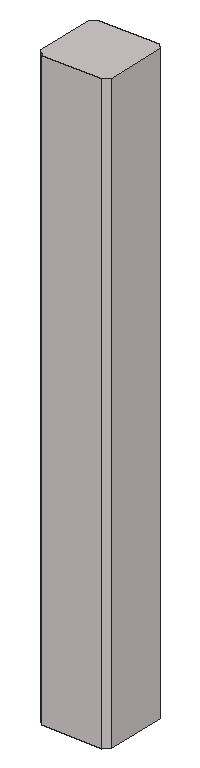
Revit family
Parameters (values of type "300 x 300")
  기둥 재료 [instance] = 콘크리트 - 프리캐스트 콘크리트 - 35MPa
  모따기 = 25 mm
  b = 300 mm
  h = 300 mm
Types (4, lengths in mm): name | 모따기 | b | h
  (no name) | 25 | 300 | 300
  300 x 300 | 25 | 300 | 300
  450 x 450 | 25 | 450 | 450
  600 x 600 | 40 | 600 | 600
Reference planes
  plane 1 "중심(앞/뒤)": y = 0
  plane 2: z = 0
  plane 3 "중심(왼쪽/오른쪽)": x = 0
  plane 4: x = -150
  plane 5: x = 150
  plane 6: y = 150
  plane 7: y = -150
  plane 8: x = -125
  plane 9: y = -125
  plane 10: x = 125
  plane 11: y = 125
Forms (mm)
  Extrusion 1, solid, material "콘크리트 - 프리캐스트 콘크리트 - 35MPa" <- "기둥 재료"
    sketch origin (0, 0, 0) x (1, 0, 0) y (0, 1, 0)
      loop
        line (-125, 150) -> (-150, 125) -> (-150, -125) -> (-125, -150) -> (125, -150) -> (150, -125) -> (150, 125) -> (125, 150) -> (-125, 150)
    from 0 to 2500
Dimensions and locks
  equal spacing: plane 4, plane 3 "중심(왼쪽/오른쪽)", plane 5
  equal spacing: plane 7, plane 1 "중심(앞/뒤)", plane 6
  "h": plane 7 to plane 6
  "b": plane 4 to plane 5
  "모따기": plane 4 to plane 8
  "모따기": plane 10 to plane 5
  "모따기": plane 11 to plane 6
  "모따기": plane 7 to plane 9
  aligned and locked: plane 6 to Extrusion 1 sketch curve
  aligned and locked: Extrusion 1 sketch curve to plane 7
  aligned and locked: Extrusion 1 sketch curve to plane 4
  aligned and locked: plane 5 to Extrusion 1 sketch curve
  aligned and locked: level to Extrusion 1
  aligned and locked: level to plane 2
  aligned and locked: Extrusion 1 to plane 2
Automatic sketch dimensions
  Extrusion 1 sketch curve to plane 8 = 0 mm  (x2)
  Extrusion 1 sketch curve to plane 10 = 0 mm  (x2)
  Extrusion 1 sketch curve to plane 9 = 0 mm  (x2)
  Extrusion 1 sketch curve to plane 11 = 0 mm  (x2)
